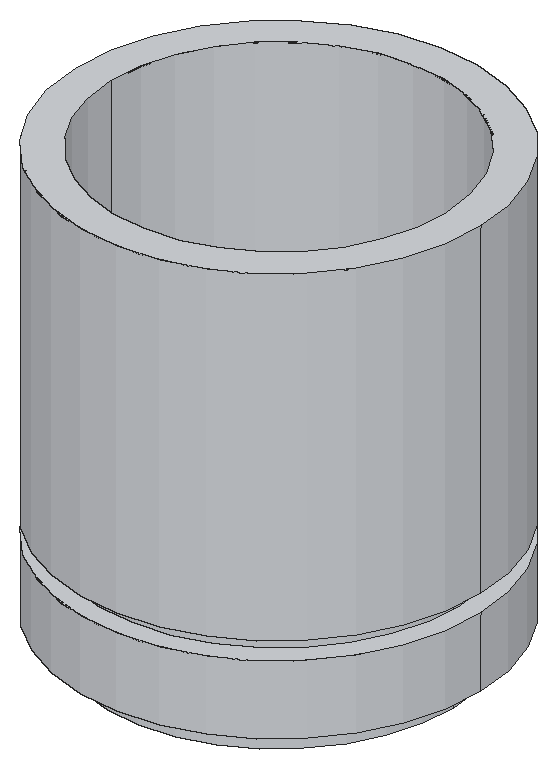
Revit family "PAM25W", category Generic Models, Revit 2017
Family settings
  Can host rebar = No
  Round Connector Dimension = Use Diameter
  Part Type = Normal
  Work Plane-Based = Yes
  Always vertical = No
  Cut with Voids When Loaded = No
  Shared = No
  Room Calculation Point = No
Parameters (values of type "NBS Standard Parameters")
  Weight = "0.008Kg"
  WarrantyStartDate [instance] = "1900-12-31T23:59:59"
  WarrantyGuarantorParts = "n/a"
  WarrantyGuarantorLabor = "n/a"
  WarrantyDurationUnit = "1 year"
  WarrantyDurationParts = "n/a"
  WarrantyDurationLabor = "n/a"
  WarrantyDescription = "n/a"
  Version = "1"
  Uniclass2 = "Pr_65_70_11_20"
  TagNumber [instance] = "n/a"
  SustainabilityPerformance = "n/a"
  Size = "25mm"
  Shape = "Circular"
  SerialNumber [instance] = "n/a"
  Revision = "n/a"
  ReplacementCost = "n/a"
  ProductInformation = "www.metpro.co.uk/pdf/pam25w.pdf"
  NominalWidth = 29 mm
  NominalLength = 29 mm
  NominalHeight = 32 mm
  Name = ""
  NBSTypeID = ""
  NBSReference = "90-55-10/460"
  NBSOfficeMasterTag = ""
  NBSNote = ""
  NBSDescription = "Conduit Fittings"
  NBSCertification = ""
  ModelReference = "PAM25W"
  ModelNumber = "n/a"
  Material = "PVC"
  ManufacturerURL = "www.metpro.co.uk"
  ManufacturerName = "Metpro Ltd"
  Keynote = "Manufactured to BS4607 Part 1"
  InstallationDate [instance] = "1900-12-31T23:59:59"
  IfcExportType = ""
  IfcExportAs = ""
  Grade = "n/a"
  Finish = "White"
  Features = "n/a"
  ExpectedLife = "n/a"
  DurationUnit = "year"
  Description = "PAM25W - 25mm Male Adaptor"
  Default Elevation = 1219.2 mm
  Constituents = "n/a"
  Color = "n/a"
  CodePerformance = "n/a"
  Category = "n/a"
  BarCode [instance] = "n/a"
  BIMObjectName = "Metpro_Metprolibrary_Conduitfittings_PVCcomponents_accessory"
  Author = "Metpro Ltd"
  AssetType = ""
  AssetIdentifier [instance] = "n/a"
  AccessibilityPerformance = "n/a"
Reference planes
  plane 1 "Center (Front/Back)": y = 0
  plane 2: z = 0
  plane 3 "Center (Left/Right)": x = 0
Forms (mm)
  Extrusion 1, solid
    sketch origin (-75.996, 46.494, 56.74) x (0, -1, 0) y (1, 0, 0)
      loop
        circle (15.717, 18.298) r 14.463
      loop
        circle (15.717, 18.298) r 12
    from 0 to 23.5
  Extrusion 2, solid
    sketch origin (-75.996, 46.494, 56.74) x (0, -1, 0) y (1, 0, 0)
      loop
        circle (15.717, 18.298) r 10
      loop
        circle (15.717, 18.298) r 12.5
    from 0 to -8
  Extrusion 3, solid
    sketch origin (-75.996, 46.494, 56.74) x (0, -1, 0) y (1, 0, 0)
      loop
        circle (15.717, 18.298) r 13.039
      loop
        circle (15.717, 18.298) r 14.463
    from -1.269 to -6.269
Dimensions and locks
  aligned and locked: level to plane 2
